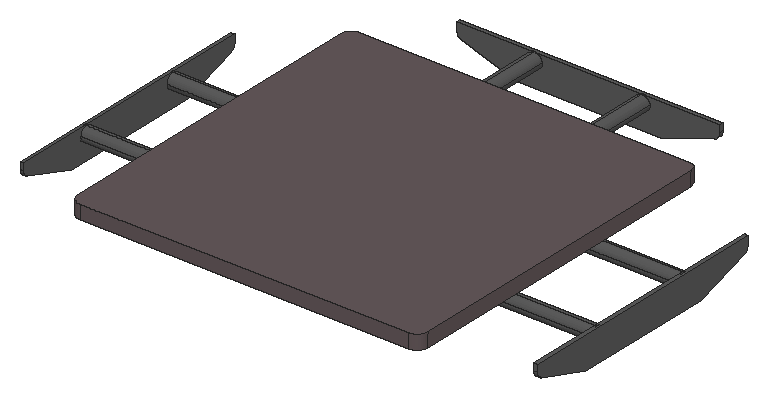
Revit family "FU_Bench_Sandler_Plania_PL90903", category Furniture, Revit 2020
Family settings
  OmniClass Number = 23.40.20.00
  OmniClass Title = General Furniture and Specialties
  Work Plane-Based = No
  Always vertical = Yes
  Cut with Voids When Loaded = No
  Shared = No
  Room Calculation Point = No
Parameters (values of type "PL90903")
  Width = 710 mm
  URL = "https://www.sandlerseating.com/product/pl90903/"
  Top Finish = Wood - Oak - Wenge
  Model = "PL90903"
  Manufacturer = "Sandler"
  Elevation = 420 mm
  Frame Finish = Epoxy - M1_B00 - Black
  Description = "Plania connecting Top (3 ways 90°)"
  Depth = 480 mm
  Default Elevation = 0 mm
Reference planes
  plane 1 "Center (Front/Back)": y = 0
  plane 2: z = 0
  plane 3 "Center (Left/Right)": x = 0
  plane 4 "Right": x = -355
  plane 5 "Left": x = 355
  plane 6 "Back": y = 240
  plane 7 "Front": y = -240
  plane 8 "Elevation": z = 420
  plane 9 "Top Thickness": z = 401
  plane 10 "Back Bracket": y = 355
Forms (mm)
  Extrusion 1, solid, material "Epoxy - M1_B00 - Black" <- "Frame Finish"
    sketch origin (350, -93.338, 209) x (0, 1, 0) y (0, 0, 1)
      loop
        line (-87.162, 192) -> (-87.162, 182.228)
        arc (-87.162, 182.228) -> (-85.278, 176.385) -> (-80.335, 172.744) r 10
        line (-80.335, 172.744) -> (-5.371, 147.662) -> (193.047, 147.662) -> (267.011, 172.41)
        arc (267.011, 172.41) -> (271.953, 176.05) -> (273.838, 181.893) r 10
        line (273.838, 181.893) -> (273.838, 192) -> (-87.162, 192)
    from 0 to 5
  Extrusion 2, solid, material "Epoxy - M1_B00 - Black" <- "Frame Finish"
    sketch origin (-350, -93.338, 209) x (0, 1, 0) y (0, 0, -1)
      loop
        line (-87.162, -192) -> (273.838, -192) -> (273.838, -181.893)
        arc (273.838, -181.893) -> (271.953, -176.05) -> (267.011, -172.41) r 10
        line (267.011, -172.41) -> (193.047, -147.662) -> (-5.371, -147.662) -> (-80.335, -172.744)
        arc (-80.335, -172.744) -> (-85.278, -176.385) -> (-87.162, -182.228) r 10
        line (-87.162, -182.228) -> (-87.162, -192)
    from 0 to 5
  Extrusion 3, solid, material "Epoxy - M1_B00 - Black" <- "Frame Finish"
    sketch origin (93.338, 355, 209) x (-1, 0, 0) y (0, 0, -1)
      loop
        line (-87.162, -192) -> (273.838, -192) -> (273.838, -181.893)
        arc (273.838, -181.893) -> (271.953, -176.05) -> (267.011, -172.41) r 10
        line (267.011, -172.41) -> (193.047, -147.662) -> (-5.371, -147.662) -> (-80.335, -172.744)
        arc (-80.335, -172.744) -> (-85.278, -176.385) -> (-87.162, -182.228) r 10
        line (-87.162, -182.228) -> (-87.162, -192)
    from 0 to 5
  Sweep 4, solid, material "Epoxy - M1_B00 - Black" <- "Frame Finish"
    path origin (0, 0, 401) x (-1, 0, 0) y (0, -1, 0)
      loop
        line (351.517, 74.001) -> (-351.445, 74.001)
    profile "Pro_Circles : 20mm" origin (-0.036, -74.001, 401) x (0, 1, 0) y (0, 0, 1)
      loop
        arc (-9.967, -9.933) -> (-7.115, -17.02) -> (-0.067, -19.967) r 9.901
        arc (-0.067, -19.967) -> (7.068, -17.068) -> (9.967, -9.933) r 9.901
        arc (9.967, -9.933) -> (7.02, -2.885) -> (-0.067, -0.033) r 9.901
        arc (-0.067, -0.033) -> (-7.067, -2.933) -> (-9.967, -9.933) r 9.9
  Sweep 5, solid, material "Epoxy - M1_B00 - Black" <- "Frame Finish"
    path origin (0, 0, 401) x (-1, 0, 0) y (0, -1, 0)
      loop
        line (74, -351.517) -> (74, -164)
        arc (74, -164) -> (100.36, -100.36) -> (164, -74) r 90
        line (164, -74) -> (350.774, -74)
    profile "Pro_Circles : 20mm" origin (-74, 257.759, 401) x (1, 0, 0) y (0, 0, 1)
      loop
        arc (-9.967, -9.933) -> (-7.115, -17.02) -> (-0.067, -19.967) r 9.901
        arc (-0.067, -19.967) -> (7.068, -17.068) -> (9.967, -9.933) r 9.901
        arc (9.967, -9.933) -> (7.02, -2.885) -> (-0.067, -0.033) r 9.901
        arc (-0.067, -0.033) -> (-7.067, -2.933) -> (-9.967, -9.933) r 9.9
  Sweep 6, solid, material "Epoxy - M1_B00 - Black" <- "Frame Finish"
    path origin (0, 0, 401) x (1, 0, 0) y (0, -1, 0)
      loop
        line (74, -351.517) -> (74, -164)
        arc (74, -164) -> (100.36, -100.36) -> (164, -74) r 90
        line (164, -74) -> (350.774, -74)
    profile "Pro_Circles : 20mm" origin (74, 257.759, 401) x (1, 0, 0) y (0, 0, 1)
      loop
        arc (9.967, -9.933) -> (7.067, -2.933) -> (0.067, -0.033) r 9.9
        arc (0.067, -0.033) -> (-7.02, -2.885) -> (-9.967, -9.933) r 9.901
        arc (-9.967, -9.933) -> (-7.068, -17.068) -> (0.067, -19.967) r 9.901
        arc (0.067, -19.967) -> (7.115, -17.02) -> (9.967, -9.933) r 9.901
  Extrusion 7, solid, material "Wood - Oak - Wenge" <- "Top Finish"
    sketch origin (0, 0, 401) x (-1, 0, 0) y (0, -1, 0)
      loop
        arc (225, -240) -> (235.607, -235.607) -> (240, -225) r 15
        line (240, -225) -> (240, 225)
        arc (240, 225) -> (235.607, 235.607) -> (225, 240) r 15
        line (225, 240) -> (-225, 240)
        arc (-225, 240) -> (-235.607, 235.607) -> (-240, 225) r 15
        line (-240, 225) -> (-240, -225)
        arc (-240, -225) -> (-235.607, -235.607) -> (-225, -240) r 15
        line (-225, -240) -> (225, -240)
    from 0 to 19
Dimensions and locks
  equal spacing: plane 4 "Right", plane 3 "Center (Left/Right)", plane 5 "Left"
  "Width": plane 4 "Right" to plane 5 "Left"
  equal spacing: plane 6 "Back", plane 1 "Center (Front/Back)", plane 7 "Front"
  "Depth": plane 6 "Back" to plane 7 "Front"
  "Elevation": plane 8 "Elevation" to level
  plane 9 "Top Thickness" to level = 401 mm
  plane 8 "Elevation" to plane 9 "Top Thickness" = 19 mm
  aligned and locked: level to plane 2
  aligned and locked: Extrusion 7 to plane 9 "Top Thickness"
  aligned and locked: plane 8 "Elevation" to Extrusion 7
Automatic sketch dimensions
  Extrusion 1 sketch curve to plane 9 "Top Thickness" = 0 mm
  Extrusion 1 sketch curve to plane 9 "Top Thickness" = 9.772 mm
  plane 7 "Front" to Extrusion 1 sketch curve = 59.5 mm
  Extrusion 1 sketch curve to plane 9 "Top Thickness" = 19.256 mm
  Extrusion 1 sketch curve to Extrusion 1 sketch curve = 6.827 mm
  Extrusion 1 sketch curve to plane 9 "Top Thickness" = 44.338 mm
  Extrusion 1 sketch curve to Extrusion 1 sketch curve = 74.964 mm
  Extrusion 1 sketch curve to plane 1 "Center (Front/Back)" = 99.709 mm
  Extrusion 1 sketch curve to plane 9 "Top Thickness" = 10.107 mm
  Extrusion 1 sketch curve to plane 6 "Back" = 69.5 mm
  Extrusion 1 sketch curve to plane 9 "Top Thickness" = 19.59 mm
  Extrusion 1 sketch curve to Extrusion 1 sketch curve = 3.173 mm
  Extrusion 2 sketch curve to plane 9 "Top Thickness" = 0 mm
  Extrusion 2 sketch curve to plane 9 "Top Thickness" = 9.772 mm
  plane 7 "Front" to Extrusion 2 sketch curve = 59.5 mm
  Extrusion 2 sketch curve to plane 9 "Top Thickness" = 19.256 mm
  Extrusion 2 sketch curve to Extrusion 2 sketch curve = 6.827 mm
  Extrusion 2 sketch curve to plane 9 "Top Thickness" = 44.338 mm
  Extrusion 2 sketch curve to Extrusion 2 sketch curve = 74.964 mm
  Extrusion 2 sketch curve to plane 1 "Center (Front/Back)" = 99.709 mm
  Extrusion 2 sketch curve to plane 9 "Top Thickness" = 10.107 mm
  Extrusion 2 sketch curve to plane 6 "Back" = 69.5 mm
  Extrusion 2 sketch curve to plane 9 "Top Thickness" = 19.59 mm
  Extrusion 2 sketch curve to Extrusion 2 sketch curve = 3.173 mm
  Extrusion 3 sketch curve to plane 9 "Top Thickness" = 0 mm
  Extrusion 3 sketch curve to plane 9 "Top Thickness" = 9.772 mm
  plane 5 "Left" to Extrusion 3 sketch curve = 174.5 mm
  Extrusion 3 sketch curve to plane 9 "Top Thickness" = 19.256 mm
  Extrusion 3 sketch curve to Extrusion 3 sketch curve = 6.827 mm
  Extrusion 3 sketch curve to plane 9 "Top Thickness" = 44.338 mm
  Extrusion 3 sketch curve to Extrusion 3 sketch curve = 74.964 mm
  Extrusion 3 sketch curve to plane 3 "Center (Left/Right)" = 99.709 mm
  Extrusion 3 sketch curve to plane 9 "Top Thickness" = 10.107 mm
  Extrusion 3 sketch curve to Extrusion 3 sketch curve = 70.791 mm
  Extrusion 3 sketch curve to plane 9 "Top Thickness" = 19.59 mm
  Extrusion 3 sketch curve to Extrusion 3 sketch curve = 3.173 mm
  plane 5 "Left" to Sweep 4 sketch curve = 3.555 mm
  plane 1 "Center (Front/Back)" to Sweep 4 sketch curve = 74.001 mm
  Sweep 4 sketch curve to plane 4 "Right" = 3.483 mm
  Sweep 5 sketch curve to plane 3 "Center (Left/Right)" = 74 mm
  Sweep 5 sketch curve to Sweep 5 sketch curve = 90 mm
  Sweep 5 sketch curve to plane 6 "Back" = 76 mm
  Sweep 5 sketch curve to plane 4 "Right" = 4.226 mm
  Sweep 5 sketch curve to plane 10 "Back Bracket" = 3.483 mm
  Sweep 6 sketch curve to plane 3 "Center (Left/Right)" = 74 mm
  Sweep 6 sketch curve to Sweep 6 sketch curve = 90 mm
  plane 6 "Back" to Sweep 6 sketch curve = 76 mm
  Sweep 6 sketch curve to plane 5 "Left" = 4.226 mm
  plane 10 "Back Bracket" to Sweep 6 sketch curve = 3.483 mm
  Extrusion 7 sketch curve to plane 6 "Back" = 0 mm
  Extrusion 7 sketch curve to plane 7 "Front" = 0 mm
  plane 7 "Front" to Extrusion 7 sketch curve = 15 mm
  plane 5 "Left" to Extrusion 7 sketch curve = 115 mm
  Extrusion 7 sketch curve to plane 6 "Back" = 15 mm  (x2)
  Extrusion 7 sketch curve to plane 4 "Right" = 130 mm  (x2)
